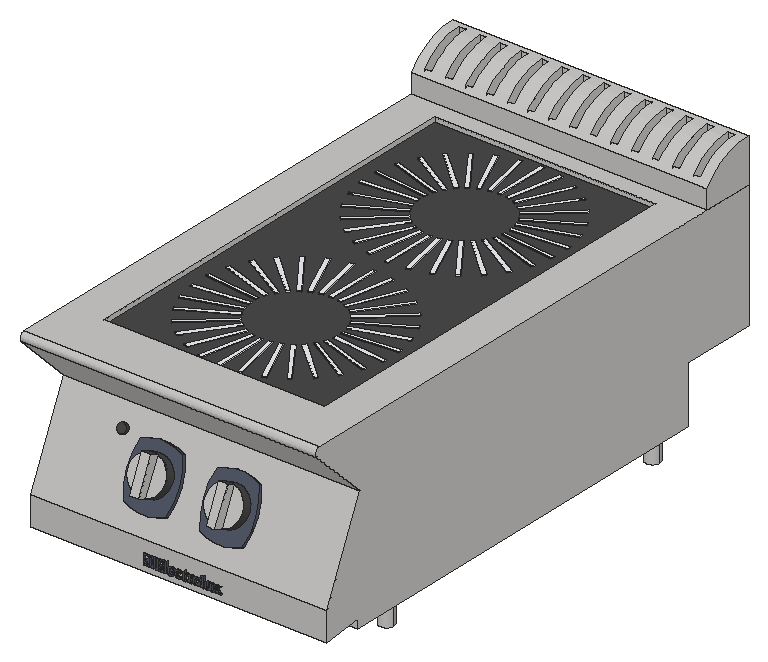
Revit family "QF_ELECTROLUXPROFESSIONAL_371024_E7IRED2000", category Specialty Equipment, Revit 2018
Family settings
  Round Connector Dimension = Use Diameter
  Part Type = Normal
  Work Plane-Based = No
  Always vertical = Yes
  Cut with Voids When Loaded = No
  Shared = No
  Room Calculation Point = No
Parameters
  Width = 400 mm  # constant formula
  Weight in Pounds = 33  # constant formula
  Watts = 4400 VA  # 4400 W
  Volts = 400 V  # constant formula
  URL Cutsheet = "www.electrolux.com/foodservice"
  URL = "www.electrolux.com/foodservice"
  Type Mark [instance] = ""
  Status [instance] = ""
  Specification by User [instance] = ""
  Specification by Manufacturer = ""
  Show Logo [instance] = yes
  Show Clearance [instance] = yes
  Serial Number = ""
  Seismic Rating = ""
  SMACNA No = ""
  Revision Code [instance] = ""
  Phase = 3  # constant formula
  Omniclass Number and Title = ""
  Number of Poles [instance] = 1
  NAFEM Spec ID Number = ""
  Model = "371024"
  Min Ckt Ampacity = 0 A
  Max Overcurrent Protection = 0 A
  Masterspec = ""
  Manufacturer = "ELECTROLUX"
  Item Number [instance] = ""
  Installed By [instance] = ""
  Identify Quantity as Lot [instance] = yes
  Height = 332 mm  # constant formula
  HP = "5.9 HP"
  Furnished By [instance] = ""
  Foodservice Equipment Identifier [instance] = yes
  FL Amps = if(Phase = 3, Watts / (Volts * 1.73), Watts / Volts)  # 6.35838 A
  Electrical Remarks [instance] = "400 V/3N ph/50/60 Hz"  # constant formula
  Electric Connection Type [instance] = ""
  Elec Conn RI Height [instance] = 0 mm
  Elec Conn Connection Height [instance] = 0 mm
  Direct Waste Size = 0"
  Description = "700XP 2 Zone Electric Infrared Cooking Top Range - 400V"
  Depth = 730 mm  # constant formula
  Cycle = if([60 Hertz Option], 60 Hz, 50 Hz)  # 60 Hz
  Conn Plug = ""
  Conn Conduit = yes
  CSI MasterFormat = ""
  CSI Master Format = ""
  Base Height [instance] = 24 mm  # constant formula
  Apparent Power = if(Phase = 3, Volts * FL Amps * 1.73, Volts * FL Amps)  # 4400 VA
  60 Hertz Option = not([50 Hertz Option])  # yes
  50 Hertz Option = no
Reference planes
  plane 1 "BACK": y = 0
  plane 2: z = 0
  plane 3 "LEFT": x = 0
  plane 4 "RIGHT": x = 400
  plane 5 "FRONT": y = -730
  plane 6 "TOP": z = 332
  plane 7 "Center Y": x = 200
  plane 8 "Center X": y = -365
  plane 9 "BASE": z = 24
  plane 10 "TOP A": z = 273.238
  plane 11: y = -597.884
  plane 12: y = -147.637
Forms (mm)
  Extrusion 1, solid, material "QF_Finishes_Stainless Steel"
    sketch origin (0, 0, 0) x (0, 1, 0) y (0, 0, 1)
      loop
        line (0, 273.237) -> (-725.027, 273.237)
        arc (-725.027, 273.237) -> (-730.893, 269.318) -> (-729.517, 262.397) r 6.35
        line (-729.517, 262.397) -> (-657.416, 190.047) -> (-713.522, 69.19) -> (-713.522, 31.09) -> (-660.4, 36.7) -> (-660.4, 24) -> (-101.6, 24) -> (-101.6, 101.788) -> (0, 101.788) -> (0, 273.237)
    from 0 to 400
  Extrusion 2, solid, material "QF_Finishes_Stainless Steel"
    sketch origin (0, 0, 0) x (0, 1, 0) y (0, 0, 1)
      loop
        line (0, 273.237) -> (0, 332)
        arc (0, 332) -> (-38.885, 323.609) -> (-69.85, 298.638) r 86.116
        line (-69.85, 298.638) -> (-69.85, 273.237) -> (0, 273.237)
    from 0 to 400
  Extrusion 3, void
    sketch origin (0, 0, 273.238) x (-1, 0, 0) y (0, -1, 0)
      loop
        line (-50, 93.262) -> (-50, 653.262) -> (-350, 653.262) -> (-350, 93.262) -> (-50, 93.262)
    from 0 to -6.35
  Extrusion 4, void
    sketch origin (0, 0, 273.238) x (-1, 0, 0) y (0, -1, 0)
      loop
        line (-13.453, 6.761) -> (-13.453, 63.911) -> (-22.749, 63.911) -> (-22.749, 6.761) -> (-13.453, 6.761)
    from 25.4 to 63.5
  Extrusion 5, void
    sketch origin (400.05, 0, 273.237) x (1, 0, 0) y (0, 1, 0)
      loop
        line (-13.503, -6.761) -> (-22.799, -6.761) -> (-22.799, -63.911) -> (-13.503, -63.911) -> (-13.503, -6.761)
    from 25.4 to 63.5
  Extrusion 6, void
    sketch origin (27.988, 0, 273.238) x (-1, 0, 0) y (0, -1, 0)
      loop
        line (-13.453, 6.761) -> (-13.453, 63.911) -> (-22.749, 63.911) -> (-22.749, 6.761) -> (-13.453, 6.761)
    from 25.4 to 63.5
  Extrusion 7, void
    sketch origin (55.977, 0, 273.238) x (-1, 0, 0) y (0, -1, 0)
      loop
        line (-13.453, 6.761) -> (-13.453, 63.911) -> (-22.749, 63.911) -> (-22.749, 6.761) -> (-13.453, 6.761)
    from 25.4 to 63.5
  Extrusion 8, void
    sketch origin (83.965, 0, 273.238) x (-1, 0, 0) y (0, -1, 0)
      loop
        line (-13.428, 6.761) -> (-13.428, 63.911) -> (-22.724, 63.911) -> (-22.724, 6.761) -> (-13.428, 6.761)
    from 25.4 to 63.5
  Extrusion 9, void
    sketch origin (111.953, 0, 273.238) x (-1, 0, 0) y (0, -1, 0)
      loop
        line (-13.428, 6.761) -> (-13.428, 63.911) -> (-22.724, 63.911) -> (-22.724, 6.761) -> (-13.428, 6.761)
    from 25.4 to 63.5
  Extrusion 10, void
    sketch origin (139.942, 0, 273.237) x (-1, 0, 0) y (0, -1, 0)
      loop
        line (-13.428, 6.761) -> (-13.428, 63.911) -> (-22.724, 63.911) -> (-22.724, 6.761) -> (-13.428, 6.761)
    from 25.4 to 63.5
  Extrusion 11, void
    sketch origin (167.93, 0, 273.237) x (-1, 0, 0) y (0, -1, 0)
      loop
        line (-13.428, 6.761) -> (-13.428, 63.911) -> (-22.724, 63.911) -> (-22.724, 6.761) -> (-13.428, 6.761)
    from 25.4 to 63.5
  Extrusion 12, void
    sketch origin (195.918, 0, 273.237) x (-1, 0, 0) y (0, -1, 0)
      loop
        line (-13.428, 6.761) -> (-13.428, 63.911) -> (-22.724, 63.911) -> (-22.724, 6.761) -> (-13.428, 6.761)
    from 25.4 to 63.5
  Extrusion 13, void
    sketch origin (223.907, 0, 273.237) x (-1, 0, 0) y (0, -1, 0)
      loop
        line (-13.428, 6.761) -> (-13.428, 63.911) -> (-22.724, 63.911) -> (-22.724, 6.761) -> (-13.428, 6.761)
    from 25.4 to 63.5
  Extrusion 14, void
    sketch origin (251.895, 0, 273.237) x (-1, 0, 0) y (0, -1, 0)
      loop
        line (-13.428, 6.761) -> (-13.428, 63.911) -> (-22.724, 63.911) -> (-22.724, 6.761) -> (-13.428, 6.761)
    from 25.4 to 63.5
  Extrusion 15, void
    sketch origin (279.884, 0, 273.237) x (-1, 0, 0) y (0, -1, 0)
      loop
        line (-13.403, 6.761) -> (-13.403, 63.911) -> (-22.699, 63.911) -> (-22.699, 6.761) -> (-13.403, 6.761)
    from 25.4 to 63.5
  Extrusion 16, void
    sketch origin (307.872, 0, 273.237) x (-1, 0, 0) y (0, -1, 0)
      loop
        line (-13.403, 6.761) -> (-13.403, 63.911) -> (-22.699, 63.911) -> (-22.699, 6.761) -> (-13.403, 6.761)
    from 25.4 to 63.5
  Extrusion 17, void
    sketch origin (335.86, 0, 273.237) x (-1, 0, 0) y (0, -1, 0)
      loop
        line (-13.403, 6.761) -> (-13.403, 63.911) -> (-22.699, 63.911) -> (-22.699, 6.761) -> (-13.403, 6.761)
    from 25.4 to 63.5
  Extrusion 18, solid, material "QF_Finishes_Stainless Steel"
    sketch origin (0, 0, 0) x (1, 0, 0) y (0, 1, 0)
      loop
        circle (11.112, -147.638) r 9.525
      loop
        circle (11.112, -597.884) r 9.525
      loop
        circle (388.887, -147.638) r 9.525
      loop
        circle (388.887, -597.884) r 9.525
    from 0 to 24
  Extrusion 19, solid, material "QF_Finishes_Navy Blue"
    sketch origin (-15.325, -713.522, 69.19) x (0, 0.421077, 0.907025) y (-1, 0, 0)
      loop
        arc (101.077, -132.565) -> (66.2, -125.548) -> (31.333, -132.61) r 89.894
        arc (31.333, -132.61) -> (24.638, -161.14) -> (31.333, -189.671) r 64.14
        arc (31.333, -189.671) -> (66.2, -196.736) -> (101.077, -189.715) r 89.853
        arc (101.077, -189.715) -> (107.792, -161.14) -> (101.077, -132.565) r 64.16
    from 0 to 3.175
  Extrusion 20, solid, material "QF_Finishes_Stainless Steel"
    sketch origin (-15.325, -716.402, 70.527) x (0, 0.421077, 0.907025) y (-1, 0, 0)
      loop
        circle (68.826, -160.963) r 25.4
    from 0 to 12.7
  Extrusion 21, solid, material "QF_Finishes_Stainless Steel"
    sketch origin (-15.325, -727.921, 75.875) x (0, 0.421077, 0.907025) y (-1, 0, 0)
      loop
        arc (93.558, -166.749) -> (94.226, -160.963) -> (93.558, -155.177) r 25.4
        line (93.558, -155.177) -> (44.094, -155.177)
        arc (44.094, -155.177) -> (43.426, -160.963) -> (44.094, -166.749) r 25.4
        line (44.094, -166.749) -> (93.558, -166.749)
    from 0 to 12.7
  Extrusion 22, solid, material "QF_Finishes_Black"
    sketch origin (-70, -709.311, 78.261) x (0, 0.421077, 0.907025) y (-1, 0, 0)
      loop
        circle (93.566, -160.648) r 6.35
    from 0 to 3.175
  Extrusion 23, solid, material "QF_Finishes_Stainless Steel"
    sketch origin (0, -101.6, 101.788) x (0, 0, -1) y (-1, 0, 0)
      loop
        circle (43.882, -336.5) r 12.7
    from 0 to 12.7
  Extrusion 24, solid, material "QF_Finishes_Clearance", visible <- "Show Clearance", detail levels coarse
    sketch origin (0, 0, 0) x (1, 0, 0) y (0, 1, 0)
      loop
        line (0, -731.377) -> (0, 0) -> (400, 0) -> (400, -731.377) -> (550.019, -731.377) -> (550.019, 150.019) -> (-150.019, 150.019) -> (-150.019, -731.377) -> (0, -731.377)
    from 0 to 332
  Extrusion 25, solid, material "QF_Finishes_Navy Blue", visible <- "Show Logo"
    sketch origin (-134.192, -713.772, 32.49) x (0, 0, 1) y (-1, 0, 0)
      loop
        line (20.674, -296.698) -> (8.307, -296.698)
        arc (8.307, -296.698) -> (14.491, -301.27) -> (20.674, -296.698) r 6.467
      loop
        arc (20.674, -296.069) -> (19.505, -290.926) -> (14.849, -288.448) r 6.338
        line (14.849, -288.448) -> (14.849, -290.494)
        arc (14.849, -290.494) -> (16.333, -294.149) -> (19.778, -296.069) r 5.941
        line (19.778, -296.069) -> (20.674, -296.069)
      loop
        arc (9.203, -296.069) -> (12.648, -294.149) -> (14.132, -290.494) r 5.941
        line (14.132, -290.494) -> (14.132, -288.448)
        arc (14.132, -288.448) -> (9.438, -290.922) -> (8.148, -296.069) r 6.504
        line (8.148, -296.069) -> (9.203, -296.069)
      loop
        line (21.349, -287.979) -> (7.604, -287.979) -> (7.604, -301.742) -> (21.349, -301.742) -> (21.349, -287.979)
      loop
        arc (21.432, -304.71) -> (21.085, -304.352) -> (20.718, -304.69) r 0.358
        arc (20.718, -304.69) -> (20.404, -305.44) -> (19.687, -305.825) r 1.216
        line (19.687, -305.825) -> (9.274, -305.825)
        arc (9.274, -305.825) -> (8.614, -305.548) -> (8.218, -304.951) r 1.238
        arc (8.218, -304.951) -> (7.823, -304.7) -> (7.518, -305.054) r 0.358
        line (7.518, -305.054) -> (7.518, -314.933) -> (10.269, -314.933) -> (10.269, -314.036)
        arc (10.269, -314.036) -> (9.36, -313.456) -> (8.904, -312.479) r 1.928
        line (8.904, -312.479) -> (8.904, -309.98)
        arc (8.904, -309.98) -> (9.18, -309.251) -> (9.868, -308.887) r 1.101
        line (9.868, -308.887) -> (13.955, -308.887) -> (13.955, -312.561)
        arc (13.955, -312.561) -> (13.602, -313.058) -> (13.037, -313.286) r 1.083
        arc (13.037, -313.286) -> (12.773, -313.591) -> (13.065, -313.869) r 0.292
        line (13.065, -313.869) -> (16.028, -313.869)
        arc (16.028, -313.869) -> (16.33, -313.596) -> (16.092, -313.266) r 0.305
        arc (16.092, -313.266) -> (15.601, -313.018) -> (15.296, -312.561) r 1.083
        line (15.296, -312.561) -> (15.296, -308.887) -> (19.973, -308.887) -> (19.973, -312.635)
        arc (19.973, -312.635) -> (19.759, -313.39) -> (19.153, -313.888) r 1.314
        arc (19.153, -313.888) -> (18.934, -314.292) -> (19.288, -314.585) r 0.361
        line (19.288, -314.585) -> (21.432, -314.585) -> (21.432, -304.71)
      loop
        arc (20.715, -315.365) -> (20.335, -316.284) -> (19.416, -316.664) r 1.299
        line (19.416, -316.664) -> (9.837, -316.664)
        arc (9.837, -316.664) -> (8.999, -316.286) -> (8.728, -315.408) r 1.118
        line (8.728, -315.408) -> (7.518, -315.408) -> (7.518, -320.758) -> (8.706, -320.758)
        arc (8.706, -320.758) -> (8.978, -319.841) -> (9.848, -319.445) r 1.153
        line (9.848, -319.445) -> (21.92, -319.445) -> (20.715, -315.365)
      loop
        line (12.483, -323.394) -> (12.483, -329.842) -> (13.282, -329.842)
        arc (13.282, -329.842) -> (15.862, -328.857) -> (17.131, -326.404) r 3.874
        line (17.131, -326.404) -> (17.131, -324.643)
        arc (17.131, -324.643) -> (15.944, -321.778) -> (13.08, -320.592) r 4.051
        line (13.08, -320.592) -> (11.072, -320.592)
        arc (11.072, -320.592) -> (8.253, -322.077) -> (7.202, -325.084) r 4.352
        arc (7.202, -325.084) -> (7.566, -327.547) -> (8.943, -329.621) r 5.713
        line (8.943, -329.621) -> (9.892, -329.621)
        arc (9.892, -329.621) -> (9.16, -328.052) -> (8.943, -326.334) r 5.579
        arc (8.943, -326.334) -> (9.737, -324.371) -> (11.616, -323.394) r 3.057
        line (11.616, -323.394) -> (12.483, -323.394)
      loop
        line (13.742, -323.394) -> (13.742, -326.977)
        arc (13.742, -326.977) -> (15.199, -327.024) -> (16.082, -325.864) r 1.59
        line (16.082, -325.864) -> (16.082, -325.034)
        arc (16.082, -325.034) -> (15.217, -323.779) -> (13.742, -323.394) r 2.184
      loop
        arc (16.533, -339.259) -> (17.022, -337.585) -> (17.179, -335.848) r 9.023
        line (17.179, -335.848) -> (17.179, -334.486)
        arc (17.179, -334.486) -> (16.02, -331.686) -> (13.22, -330.527) r 3.959
        line (13.22, -330.527) -> (10.62, -330.527)
        arc (10.62, -330.527) -> (8.338, -331.819) -> (7.221, -334.192) r 4.331
        line (7.221, -334.192) -> (7.221, -336.327)
        arc (7.221, -336.327) -> (7.729, -337.877) -> (8.651, -339.223) r 5.772
        arc (8.651, -339.223) -> (9.412, -339.274) -> (9.499, -338.515) r 0.553
        arc (9.499, -338.515) -> (9.111, -337.781) -> (8.977, -336.962) r 2.573
        line (8.977, -336.962) -> (8.977, -335.447)
        arc (8.977, -335.447) -> (9.983, -333.806) -> (11.798, -333.163) r 2.884
        line (11.798, -333.163) -> (13.077, -333.163)
        arc (13.077, -333.163) -> (14.898, -333.723) -> (15.824, -335.388) r 2.554
        line (15.824, -335.388) -> (15.824, -336.441)
        arc (15.824, -336.441) -> (15.493, -337.369) -> (14.836, -338.104) r 2.564
        arc (14.836, -338.104) -> (14.614, -338.821) -> (15.223, -339.259) r 0.643
        line (15.223, -339.259) -> (16.533, -339.259)
      loop
        line (15.515, -339.53) -> (15.515, -341.031) -> (9.467, -341.031)
        arc (9.467, -341.031) -> (7.879, -341.688) -> (7.221, -343.276) r 2.246
        line (7.221, -343.276) -> (7.221, -344.86)
        arc (7.221, -344.86) -> (7.535, -345.725) -> (8.035, -346.496) r 4.06
        arc (8.035, -346.496) -> (8.768, -346.629) -> (9.019, -345.928) r 0.576
        arc (9.019, -345.928) -> (8.913, -345.403) -> (8.977, -344.87) r 1.69
        arc (8.977, -344.87) -> (9.519, -344.082) -> (10.425, -343.779) r 1.506
        line (10.425, -343.779) -> (15.563, -343.779) -> (15.563, -346.176) -> (16.119, -346.733) -> (16.941, -346.733) -> (16.941, -343.873) -> (20.172, -343.873) -> (15.515, -339.53)
      loop
        line (7.438, -347.63) -> (7.438, -353.017) -> (8.548, -353.017)
        arc (8.548, -353.017) -> (8.942, -352.066) -> (9.893, -351.672) r 1.345
        line (9.893, -351.672) -> (13.509, -351.672)
        arc (13.509, -351.672) -> (14.274, -352.264) -> (14.564, -353.186) r 1.615
        line (14.564, -353.186) -> (14.564, -354.742) -> (17.119, -355.427) -> (17.119, -354.044) -> (15.177, -351.485) -> (17.057, -351.485) -> (16.773, -348.779)
        arc (16.773, -348.779) -> (16.333, -348.249) -> (15.674, -348.45) r 0.621
        arc (15.674, -348.45) -> (15.274, -348.792) -> (14.78, -348.975) r 1.501
        line (14.78, -348.975) -> (9.893, -348.975)
        arc (9.893, -348.975) -> (8.942, -348.581) -> (8.548, -347.63) r 1.345
        line (8.548, -347.63) -> (7.438, -347.63)
      loop
        line (13.54, -354.964) -> (10.848, -354.964)
        arc (10.848, -354.964) -> (8.403, -356.272) -> (7.269, -358.803) r 4.288
        arc (7.269, -358.803) -> (7.205, -360.183) -> (7.269, -361.563) r 15.022
        arc (7.269, -361.563) -> (8.403, -364.094) -> (10.848, -365.401) r 4.288
        line (10.848, -365.401) -> (13.54, -365.401)
        arc (13.54, -365.401) -> (15.986, -364.094) -> (17.119, -361.563) r 4.288
        arc (17.119, -361.563) -> (17.183, -360.183) -> (17.119, -358.803) r 15.022
        arc (17.119, -358.803) -> (15.986, -356.272) -> (13.54, -354.964) r 4.288
      loop
        line (13.745, -358.078) -> (10.643, -358.078)
        arc (10.643, -358.078) -> (8.486, -360.235) -> (10.643, -362.392) r 2.157
        line (10.643, -362.392) -> (13.745, -362.392)
        arc (13.745, -362.392) -> (15.902, -360.235) -> (13.745, -358.078) r 2.157
      loop
        arc (20.726, -365.26) -> (20.355, -366.154) -> (19.461, -366.524) r 1.264
        line (19.461, -366.524) -> (9.597, -366.524)
        arc (9.597, -366.524) -> (8.727, -366.127) -> (8.455, -365.211) r 1.153
        line (8.455, -365.211) -> (7.518, -365.211) -> (7.518, -370.319) -> (8.446, -370.319)
        arc (8.446, -370.319) -> (8.805, -369.547) -> (9.597, -369.232) r 1.153
        line (9.597, -369.232) -> (21.92, -369.232) -> (20.726, -365.26)
      loop
        arc (15.846, -369.857) -> (15.647, -370.921) -> (14.678, -371.403) r 1.215
        line (14.678, -371.403) -> (9.658, -371.403)
        arc (9.658, -371.403) -> (8.043, -372.051) -> (7.322, -373.634) r 2.338
        line (7.322, -373.634) -> (7.322, -375.148)
        arc (7.322, -375.148) -> (7.497, -376.152) -> (7.999, -377.038) r 2.979
        line (7.999, -377.038) -> (7.518, -378.835) -> (7.518, -380.524) -> (16.943, -380.524) -> (16.649, -376.32) -> (15.863, -376.32)
        arc (15.863, -376.32) -> (15.507, -377.156) -> (14.755, -377.665) r 1.605
        line (14.755, -377.665) -> (9.652, -377.665)
        arc (9.652, -377.665) -> (9.232, -376.728) -> (9.159, -375.704) r 2.94
        arc (9.159, -375.704) -> (9.72, -374.603) -> (10.873, -374.16) r 1.724
        line (10.873, -374.16) -> (17.07, -374.16) -> (15.846, -369.857)
      loop
        line (16.874, -381.377) -> (15.202, -383.423) -> (12.028, -385.729) -> (8.572, -382.617)
        arc (8.572, -382.617) -> (8.335, -382.223) -> (8.357, -381.764) r 0.789
        line (8.357, -381.764) -> (7.518, -381.764) -> (7.518, -385.309) -> (8.344, -385.309)
        arc (8.344, -385.309) -> (8.686, -384.947) -> (9.176, -385.039) r 0.52
        line (9.176, -385.039) -> (10.976, -386.51) -> (8.858, -387.886)
        arc (8.858, -387.886) -> (8.457, -387.576) -> (8.37, -387.076) r 0.7
        line (8.37, -387.076) -> (7.518, -387.076) -> (7.518, -393.003) -> (8.405, -393.003)
        arc (8.405, -393.003) -> (8.472, -392.344) -> (8.866, -391.813) r 1.247
        line (8.866, -391.813) -> (13.066, -388.532) -> (15.513, -390.585) -> (16.874, -392.327) -> (16.874, -388.604) -> (15.389, -389.026) -> (13.868, -387.749) -> (15.568, -386.559) -> (16.874, -387.336) -> (16.874, -381.377)
    from 0 to 1.644
  Extrusion 26, solid, material "QF_Finishes_White"
    sketch origin (0, 0, 266.887) x (-1, 0, 0) y (0, -1, 0)
      loop
        line (-196.926, 361.478) -> (-201.926, 361.478) -> (-201.926, 288.082) -> (-196.926, 288.082) -> (-196.926, 361.478)
    from 0 to 0.8
  Extrusion 27, solid, material "QF_Finishes_White"
    sketch origin (52.177, 36.558, 266.887) x (-0.978148, 0.207912, 0) y (-0.207912, -0.978148, 0)
      loop
        line (-196.926, 361.478) -> (-201.926, 361.478) -> (-201.926, 288.082) -> (-196.926, 288.082) -> (-196.926, 361.478)
    from 0 to 0.8
  Extrusion 28, solid, material "QF_Finishes_White"
    sketch origin (-43.436, -46.607, 266.887) x (-0.978148, -0.207912, 0) y (0.207912, -0.978148, 0)
      loop
        line (-196.926, 361.478) -> (-201.926, 361.478) -> (-201.926, 288.082) -> (-196.926, 288.082) -> (-196.926, 361.478)
    from 0 to 0.8
  Extrusion 29, solid, material "QF_Finishes_White"
    sketch origin (-76.233, -101.226, 266.887) x (-0.913545, -0.406737, 0) y (0.406737, -0.913545, 0)
      loop
        line (-196.926, 361.478) -> (-201.926, 361.478) -> (-201.926, 288.082) -> (-196.926, 288.082) -> (-196.926, 361.478)
    from 0 to 0.8
  Extrusion 30, solid, material "QF_Finishes_White"
    sketch origin (-96.957, -161.471, 266.887) x (-0.809017, -0.587785, 0) y (0.587785, -0.809017, 0)
      loop
        line (-196.926, 361.478) -> (-201.926, 361.478) -> (-201.926, 288.082) -> (-196.926, 288.082) -> (-196.926, 361.478)
    from 0 to 0.8
  Extrusion 31, solid, material "QF_Finishes_White"
    sketch origin (-104.703, -224.708, 266.887) x (-0.669131, -0.743145, 0) y (0.743145, -0.669131, 0)
      loop
        line (-196.926, 361.478) -> (-201.926, 361.478) -> (-201.926, 288.082) -> (-196.926, 288.082) -> (-196.926, 361.478)
    from 0 to 0.8
  Extrusion 32, solid, material "QF_Finishes_White"
    sketch origin (-99.132, -288.174, 266.887) x (-0.5, -0.866025, 0) y (0.866025, -0.5, 0)
      loop
        line (-196.926, 361.478) -> (-201.926, 361.478) -> (-201.926, 288.082) -> (-196.926, 288.082) -> (-196.926, 361.478)
    from 0 to 0.8
  Extrusion 33, solid, material "QF_Finishes_White"
    sketch origin (-80.487, -349.094, 266.887) x (-0.309017, -0.951057, 0) y (0.951057, -0.309017, 0)
      loop
        line (-196.926, 361.478) -> (-201.926, 361.478) -> (-201.926, 288.082) -> (-196.926, 288.082) -> (-196.926, 361.478)
    from 0 to 0.8
  Extrusion 34, solid, material "QF_Finishes_White"
    sketch origin (-49.583, -404.807, 266.887) x (-0.104528, -0.994522, 0) y (0.994522, -0.104528, 0)
      loop
        line (-196.926, 361.478) -> (-201.926, 361.478) -> (-201.926, 288.082) -> (-196.926, 288.082) -> (-196.926, 361.478)
    from 0 to 0.8
  Extrusion 35, solid, material "QF_Finishes_White"
    sketch origin (-7.772, -452.877, 266.887) x (0.104528, -0.994522, 0) y (0.994522, 0.104528, 0)
      loop
        line (-196.926, 361.478) -> (-201.926, 361.478) -> (-201.926, 288.082) -> (-196.926, 288.082) -> (-196.926, 361.478)
    from 0 to 0.8
  Extrusion 36, solid, material "QF_Finishes_White"
    sketch origin (43.12, -491.203, 266.887) x (0.309017, -0.951057, 0) y (0.951057, 0.309017, 0)
      loop
        line (-196.926, 361.478) -> (-201.926, 361.478) -> (-201.926, 288.082) -> (-196.926, 288.082) -> (-196.926, 361.478)
    from 0 to 0.8
  Extrusion 37, solid, material "QF_Finishes_White"
    sketch origin (100.868, -518.111, 266.887) x (0.5, -0.866025, 0) y (0.866025, 0.5, 0)
      loop
        line (-196.926, 361.478) -> (-201.926, 361.478) -> (-201.926, 288.082) -> (-196.926, 288.082) -> (-196.926, 361.478)
    from 0 to 0.8
  Extrusion 38, solid, material "QF_Finishes_White"
    sketch origin (162.949, -532.424, 266.887) x (0.669131, -0.743145, 0) y (0.743145, 0.669131, 0)
      loop
        line (-196.926, 361.478) -> (-201.926, 361.478) -> (-201.926, 288.082) -> (-196.926, 288.082) -> (-196.926, 361.478)
    from 0 to 0.8
  Extrusion 39, solid, material "QF_Finishes_White"
    sketch origin (226.65, -533.518, 266.887) x (0.809017, -0.587785, 0) y (0.587785, 0.809017, 0)
      loop
        line (-196.926, 361.478) -> (-201.926, 361.478) -> (-201.926, 288.082) -> (-196.926, 288.082) -> (-196.926, 361.478)
    from 0 to 0.8
  Extrusion 40, solid, material "QF_Finishes_White"
    sketch origin (289.185, -521.343, 266.887) x (0.913545, -0.406737, 0) y (0.406737, 0.913545, 0)
      loop
        line (-196.926, 361.478) -> (-201.926, 361.478) -> (-201.926, 288.082) -> (-196.926, 288.082) -> (-196.926, 361.478)
    from 0 to 0.8
  Extrusion 41, solid, material "QF_Finishes_White"
    sketch origin (347.823, -496.432, 266.887) x (0.978148, -0.207912, 0) y (0.207912, 0.978148, 0)
      loop
        line (-196.926, 361.478) -> (-201.926, 361.478) -> (-201.926, 288.082) -> (-196.926, 288.082) -> (-196.926, 361.478)
    from 0 to 0.8
  Extrusion 42, solid, material "QF_Finishes_White"
    sketch origin (400, -459.875, 266.887) x (1, 0, 0) y (0, 1, 0)
      loop
        line (-196.926, 361.478) -> (-201.926, 361.478) -> (-201.926, 288.082) -> (-196.926, 288.082) -> (-196.926, 361.478)
    from 0 to 0.8
  Extrusion 43, solid, material "QF_Finishes_White"
    sketch origin (443.436, -413.268, 266.887) x (0.978148, 0.207912, 0) y (-0.207912, 0.978148, 0)
      loop
        line (-196.926, 361.478) -> (-201.926, 361.478) -> (-201.926, 288.082) -> (-196.926, 288.082) -> (-196.926, 361.478)
    from 0 to 0.8
  Extrusion 44, solid, material "QF_Finishes_White"
    sketch origin (476.233, -358.648, 266.887) x (0.913545, 0.406737, 0) y (-0.406737, 0.913545, 0)
      loop
        line (-196.926, 361.478) -> (-201.926, 361.478) -> (-201.926, 288.082) -> (-196.926, 288.082) -> (-196.926, 361.478)
    from 0 to 0.8
  Extrusion 45, solid, material "QF_Finishes_White"
    sketch origin (496.957, -298.403, 266.887) x (0.809017, 0.587785, 0) y (-0.587785, 0.809017, 0)
      loop
        line (-196.926, 361.478) -> (-201.926, 361.478) -> (-201.926, 288.082) -> (-196.926, 288.082) -> (-196.926, 361.478)
    from 0 to 0.8
  Extrusion 46, solid, material "QF_Finishes_White"
    sketch origin (504.703, -235.166, 266.887) x (0.669131, 0.743145, 0) y (-0.743145, 0.669131, 0)
      loop
        line (-196.926, 361.478) -> (-201.926, 361.478) -> (-201.926, 288.082) -> (-196.926, 288.082) -> (-196.926, 361.478)
    from 0 to 0.8
  Extrusion 47, solid, material "QF_Finishes_White"
    sketch origin (499.132, -171.701, 266.887) x (0.5, 0.866025, 0) y (-0.866025, 0.5, 0)
      loop
        line (-196.926, 361.478) -> (-201.926, 361.478) -> (-201.926, 288.082) -> (-196.926, 288.082) -> (-196.926, 361.478)
    from 0 to 0.8
  Extrusion 48, solid, material "QF_Finishes_White"
    sketch origin (480.487, -110.781, 266.887) x (0.309017, 0.951057, 0) y (-0.951057, 0.309017, 0)
      loop
        line (-196.926, 361.478) -> (-201.926, 361.478) -> (-201.926, 288.082) -> (-196.926, 288.082) -> (-196.926, 361.478)
    from 0 to 0.8
  Extrusion 49, solid, material "QF_Finishes_White"
    sketch origin (449.583, -55.068, 266.887) x (0.104528, 0.994522, 0) y (-0.994522, 0.104528, 0)
      loop
        line (-196.926, 361.478) -> (-201.926, 361.478) -> (-201.926, 288.082) -> (-196.926, 288.082) -> (-196.926, 361.478)
    from 0 to 0.8
  Extrusion 50, solid, material "QF_Finishes_White"
    sketch origin (407.772, -6.998, 266.887) x (-0.104528, 0.994522, 0) y (-0.994522, -0.104528, 0)
      loop
        line (-196.926, 361.478) -> (-201.926, 361.478) -> (-201.926, 288.082) -> (-196.926, 288.082) -> (-196.926, 361.478)
    from 0 to 0.8
  Extrusion 51, solid, material "QF_Finishes_White"
    sketch origin (356.88, 31.329, 266.887) x (-0.309017, 0.951057, 0) y (-0.951057, -0.309017, 0)
      loop
        line (-196.926, 361.478) -> (-201.926, 361.478) -> (-201.926, 288.082) -> (-196.926, 288.082) -> (-196.926, 361.478)
    from 0 to 0.8
  Extrusion 52, solid, material "QF_Finishes_White"
    sketch origin (299.132, 58.236, 266.887) x (-0.5, 0.866025, 0) y (-0.866025, -0.5, 0)
      loop
        line (-196.926, 361.478) -> (-201.926, 361.478) -> (-201.926, 288.082) -> (-196.926, 288.082) -> (-196.926, 361.478)
    from 0 to 0.8
  Extrusion 53, solid, material "QF_Finishes_White"
    sketch origin (237.051, 72.55, 266.887) x (-0.669131, 0.743145, 0) y (-0.743145, -0.669131, 0)
      loop
        line (-196.926, 361.478) -> (-201.926, 361.478) -> (-201.926, 288.082) -> (-196.926, 288.082) -> (-196.926, 361.478)
    from 0 to 0.8
  Extrusion 54, solid, material "QF_Finishes_White"
    sketch origin (173.35, 73.643, 266.887) x (-0.809017, 0.587785, 0) y (-0.587785, -0.809017, 0)
      loop
        line (-196.926, 361.478) -> (-201.926, 361.478) -> (-201.926, 288.082) -> (-196.926, 288.082) -> (-196.926, 361.478)
    from 0 to 0.8
  Extrusion 55, solid, material "QF_Finishes_White"
    sketch origin (110.815, 61.468, 266.887) x (-0.913545, 0.406737, 0) y (-0.406737, -0.913545, 0)
      loop
        line (-196.926, 361.478) -> (-201.926, 361.478) -> (-201.926, 288.082) -> (-196.926, 288.082) -> (-196.926, 361.478)
    from 0 to 0.8
  Extrusion 56, solid, material "QF_Finishes_White"
    sketch origin (0, -285, 266.887) x (-1, 0, 0) y (0, -1, 0)
      loop
        line (-196.926, 361.478) -> (-201.926, 361.478) -> (-201.926, 288.082) -> (-196.926, 288.082) -> (-196.926, 361.478)
    from 0 to 0.8
  Extrusion 57, solid, material "QF_Finishes_White"
    sketch origin (52.177, -248.442, 266.887) x (-0.978148, 0.207912, 0) y (-0.207912, -0.978148, 0)
      loop
        line (-196.926, 361.478) -> (-201.926, 361.478) -> (-201.926, 288.082) -> (-196.926, 288.082) -> (-196.926, 361.478)
    from 0 to 0.8
  Extrusion 58, solid, material "QF_Finishes_White"
    sketch origin (-43.436, -331.607, 266.887) x (-0.978148, -0.207912, 0) y (0.207912, -0.978148, 0)
      loop
        line (-196.926, 361.478) -> (-201.926, 361.478) -> (-201.926, 288.082) -> (-196.926, 288.082) -> (-196.926, 361.478)
    from 0 to 0.8
  Extrusion 59, solid, material "QF_Finishes_White"
    sketch origin (-76.233, -386.226, 266.887) x (-0.913545, -0.406737, 0) y (0.406737, -0.913545, 0)
      loop
        line (-196.926, 361.478) -> (-201.926, 361.478) -> (-201.926, 288.082) -> (-196.926, 288.082) -> (-196.926, 361.478)
    from 0 to 0.8
  Extrusion 60, solid, material "QF_Finishes_White"
    sketch origin (-96.957, -446.471, 266.887) x (-0.809017, -0.587785, 0) y (0.587785, -0.809017, 0)
      loop
        line (-196.926, 361.478) -> (-201.926, 361.478) -> (-201.926, 288.082) -> (-196.926, 288.082) -> (-196.926, 361.478)
    from 0 to 0.8
  Extrusion 61, solid, material "QF_Finishes_White"
    sketch origin (-104.703, -509.708, 266.887) x (-0.669131, -0.743145, 0) y (0.743145, -0.669131, 0)
      loop
        line (-196.926, 361.478) -> (-201.926, 361.478) -> (-201.926, 288.082) -> (-196.926, 288.082) -> (-196.926, 361.478)
    from 0 to 0.8
  Extrusion 62, solid, material "QF_Finishes_White"
    sketch origin (-99.132, -573.174, 266.887) x (-0.5, -0.866025, 0) y (0.866025, -0.5, 0)
      loop
        line (-196.926, 361.478) -> (-201.926, 361.478) -> (-201.926, 288.082) -> (-196.926, 288.082) -> (-196.926, 361.478)
    from 0 to 0.8
  Extrusion 63, solid, material "QF_Finishes_White"
    sketch origin (-80.487, -634.094, 266.887) x (-0.309017, -0.951057, 0) y (0.951057, -0.309017, 0)
      loop
        line (-196.926, 361.478) -> (-201.926, 361.478) -> (-201.926, 288.082) -> (-196.926, 288.082) -> (-196.926, 361.478)
    from 0 to 0.8
  Extrusion 64, solid, material "QF_Finishes_White"
    sketch origin (-49.583, -689.807, 266.887) x (-0.104528, -0.994522, 0) y (0.994522, -0.104528, 0)
      loop
        line (-196.926, 361.478) -> (-201.926, 361.478) -> (-201.926, 288.082) -> (-196.926, 288.082) -> (-196.926, 361.478)
    from 0 to 0.8
  Extrusion 65, solid, material "QF_Finishes_White"
    sketch origin (-7.772, -737.877, 266.887) x (0.104528, -0.994522, 0) y (0.994522, 0.104528, 0)
      loop
        line (-196.926, 361.478) -> (-201.926, 361.478) -> (-201.926, 288.082) -> (-196.926, 288.082) -> (-196.926, 361.478)
    from 0 to 0.8
  Extrusion 66, solid, material "QF_Finishes_White"
    sketch origin (43.12, -776.203, 266.887) x (0.309017, -0.951057, 0) y (0.951057, 0.309017, 0)
      loop
        line (-196.926, 361.478) -> (-201.926, 361.478) -> (-201.926, 288.082) -> (-196.926, 288.082) -> (-196.926, 361.478)
    from 0 to 0.8
  Extrusion 67, solid, material "QF_Finishes_White"
    sketch origin (100.868, -803.111, 266.887) x (0.5, -0.866025, 0) y (0.866025, 0.5, 0)
      loop
        line (-196.926, 361.478) -> (-201.926, 361.478) -> (-201.926, 288.082) -> (-196.926, 288.082) -> (-196.926, 361.478)
    from 0 to 0.8
  Extrusion 68, solid, material "QF_Finishes_White"
    sketch origin (162.949, -817.424, 266.887) x (0.669131, -0.743145, 0) y (0.743145, 0.669131, 0)
      loop
        line (-196.926, 361.478) -> (-201.926, 361.478) -> (-201.926, 288.082) -> (-196.926, 288.082) -> (-196.926, 361.478)
    from 0 to 0.8
  Extrusion 69, solid, material "QF_Finishes_White"
    sketch origin (226.65, -818.518, 266.887) x (0.809017, -0.587785, 0) y (0.587785, 0.809017, 0)
      loop
        line (-196.926, 361.478) -> (-201.926, 361.478) -> (-201.926, 288.082) -> (-196.926, 288.082) -> (-196.926, 361.478)
    from 0 to 0.8
  Extrusion 70, solid, material "QF_Finishes_White"
    sketch origin (289.185, -806.343, 266.887) x (0.913545, -0.406737, 0) y (0.406737, 0.913545, 0)
      loop
        line (-196.926, 361.478) -> (-201.926, 361.478) -> (-201.926, 288.082) -> (-196.926, 288.082) -> (-196.926, 361.478)
    from 0 to 0.8
  Extrusion 71, solid, material "QF_Finishes_White"
    sketch origin (347.823, -781.432, 266.887) x (0.978148, -0.207912, 0) y (0.207912, 0.978148, 0)
      loop
        line (-196.926, 361.478) -> (-201.926, 361.478) -> (-201.926, 288.082) -> (-196.926, 288.082) -> (-196.926, 361.478)
    from 0 to 0.8
  Extrusion 72, solid, material "QF_Finishes_White"
    sketch origin (400, -744.875, 266.887) x (1, 0, 0) y (0, 1, 0)
      loop
        line (-196.926, 361.478) -> (-201.926, 361.478) -> (-201.926, 288.082) -> (-196.926, 288.082) -> (-196.926, 361.478)
    from 0 to 0.8
  Extrusion 73, solid, material "QF_Finishes_White"
    sketch origin (443.436, -698.268, 266.887) x (0.978148, 0.207912, 0) y (-0.207912, 0.978148, 0)
      loop
        line (-196.926, 361.478) -> (-201.926, 361.478) -> (-201.926, 288.082) -> (-196.926, 288.082) -> (-196.926, 361.478)
    from 0 to 0.8
  Extrusion 74, solid, material "QF_Finishes_White"
    sketch origin (476.233, -643.648, 266.887) x (0.913545, 0.406737, 0) y (-0.406737, 0.913545, 0)
      loop
        line (-196.926, 361.478) -> (-201.926, 361.478) -> (-201.926, 288.082) -> (-196.926, 288.082) -> (-196.926, 361.478)
    from 0 to 0.8
  Extrusion 75, solid, material "QF_Finishes_White"
    sketch origin (496.957, -583.403, 266.887) x (0.809017, 0.587785, 0) y (-0.587785, 0.809017, 0)
      loop
        line (-196.926, 361.478) -> (-201.926, 361.478) -> (-201.926, 288.082) -> (-196.926, 288.082) -> (-196.926, 361.478)
    from 0 to 0.8
  Extrusion 76, solid, material "QF_Finishes_White"
    sketch origin (504.703, -520.166, 266.887) x (0.669131, 0.743145, 0) y (-0.743145, 0.669131, 0)
      loop
        line (-196.926, 361.478) -> (-201.926, 361.478) -> (-201.926, 288.082) -> (-196.926, 288.082) -> (-196.926, 361.478)
    from 0 to 0.8
  Extrusion 77, solid, material "QF_Finishes_White"
    sketch origin (499.132, -456.701, 266.887) x (0.5, 0.866025, 0) y (-0.866025, 0.5, 0)
      loop
        line (-196.926, 361.478) -> (-201.926, 361.478) -> (-201.926, 288.082) -> (-196.926, 288.082) -> (-196.926, 361.478)
    from 0 to 0.8
  Extrusion 78, solid, material "QF_Finishes_White"
    sketch origin (480.487, -395.781, 266.887) x (0.309017, 0.951057, 0) y (-0.951057, 0.309017, 0)
      loop
        line (-196.926, 361.478) -> (-201.926, 361.478) -> (-201.926, 288.082) -> (-196.926, 288.082) -> (-196.926, 361.478)
    from 0 to 0.8
  Extrusion 79, solid, material "QF_Finishes_White"
    sketch origin (449.583, -340.068, 266.887) x (0.104528, 0.994522, 0) y (-0.994522, 0.104528, 0)
      loop
        line (-196.926, 361.478) -> (-201.926, 361.478) -> (-201.926, 288.082) -> (-196.926, 288.082) -> (-196.926, 361.478)
    from 0 to 0.8
  Extrusion 80, solid, material "QF_Finishes_White"
    sketch origin (407.772, -291.998, 266.887) x (-0.104528, 0.994522, 0) y (-0.994522, -0.104528, 0)
      loop
        line (-196.926, 361.478) -> (-201.926, 361.478) -> (-201.926, 288.082) -> (-196.926, 288.082) -> (-196.926, 361.478)
    from 0 to 0.8
  Extrusion 81, solid, material "QF_Finishes_White"
    sketch origin (356.88, -253.671, 266.887) x (-0.309017, 0.951057, 0) y (-0.951057, -0.309017, 0)
      loop
        line (-196.926, 361.478) -> (-201.926, 361.478) -> (-201.926, 288.082) -> (-196.926, 288.082) -> (-196.926, 361.478)
    from 0 to 0.8
  Extrusion 82, solid, material "QF_Finishes_White"
    sketch origin (299.132, -226.764, 266.887) x (-0.5, 0.866025, 0) y (-0.866025, -0.5, 0)
      loop
        line (-196.926, 361.478) -> (-201.926, 361.478) -> (-201.926, 288.082) -> (-196.926, 288.082) -> (-196.926, 361.478)
    from 0 to 0.8
  Extrusion 83, solid, material "QF_Finishes_White"
    sketch origin (237.051, -212.45, 266.887) x (-0.669131, 0.743145, 0) y (-0.743145, -0.669131, 0)
      loop
        line (-196.926, 361.478) -> (-201.926, 361.478) -> (-201.926, 288.082) -> (-196.926, 288.082) -> (-196.926, 361.478)
    from 0 to 0.8
  Extrusion 84, solid, material "QF_Finishes_White"
    sketch origin (173.35, -211.357, 266.887) x (-0.809017, 0.587785, 0) y (-0.587785, -0.809017, 0)
      loop
        line (-196.926, 361.478) -> (-201.926, 361.478) -> (-201.926, 288.082) -> (-196.926, 288.082) -> (-196.926, 361.478)
    from 0 to 0.8
  Extrusion 85, solid, material "QF_Finishes_White"
    sketch origin (110.815, -223.532, 266.887) x (-0.913545, 0.406737, 0) y (-0.406737, -0.913545, 0)
      loop
        line (-196.926, 361.478) -> (-201.926, 361.478) -> (-201.926, 288.082) -> (-196.926, 288.082) -> (-196.926, 361.478)
    from 0 to 0.8
  Extrusion 86, solid, material "QF_Finishes_Navy Blue"
    sketch origin (410.325, -713.522, 69.19) x (0, 0.421077, 0.907025) y (-1, 0, 0)
      loop
        arc (101.077, 132.565) -> (107.792, 161.14) -> (101.077, 189.715) r 64.16
        arc (101.077, 189.715) -> (66.2, 196.736) -> (31.333, 189.671) r 89.853
        arc (31.333, 189.671) -> (24.638, 161.14) -> (31.333, 132.61) r 64.14
        arc (31.333, 132.61) -> (66.2, 125.548) -> (101.077, 132.565) r 89.894
    from 0 to 3.175
  Extrusion 87, solid, material "QF_Finishes_Stainless Steel"
    sketch origin (410.325, -716.402, 70.527) x (0, 0.421077, 0.907025) y (-1, 0, 0)
      loop
        circle (68.826, 160.963) r 25.4
    from 0 to 12.7
  Extrusion 88, solid, material "QF_Finishes_Stainless Steel"
    sketch origin (410.325, -727.921, 75.875) x (0, 0.421077, 0.907025) y (-1, 0, 0)
      loop
        line (93.558, 166.749) -> (44.094, 166.749)
        arc (44.094, 166.749) -> (43.426, 160.963) -> (44.094, 155.177) r 25.4
        line (44.094, 155.177) -> (93.558, 155.177)
        arc (93.558, 155.177) -> (94.226, 160.963) -> (93.558, 166.749) r 25.4
    from 0 to 12.7
Cuts and joins
  Extrusion 3, Extrusion 4 cuts Extrusion 1
  Extrusion 4, Extrusion 5, Extrusion 6, Extrusion 7, Extrusion 8, Extrusion 9, Extrusion 10, Extrusion 11, Extrusion 12, Extrusion 13, Extrusion 14, Extrusion 15, Extrusion 16, Extrusion 17 cuts Extrusion 2
  joined: Extrusion 20, Extrusion 21
Lines and regions (mm)
  symbolic lines, style "QF-Clearances", visible <- "Show Clearance", detail levels coarse
    curve 1: line (-150.019, 150.019, 273.238) -> (-150.019, -731.377, 273.238)
    curve 2: line (550.019, 150.019, 273.237) -> (-150.019, 150.019, 273.238)
    curve 3: line (550.019, -731.377, 273.237) -> (550.019, 150.019, 273.237)
  symbolic lines
    curve 4: line (0, 0, 273.238) -> (400, 0, 273.237)
    curve 5: line (0, -730, 273.238) -> (0, 0, 273.238)
    curve 6: line (400, 0, 273.237) -> (400, -730, 273.237)
    curve 7: line (22.724, -6.761, 273.238) -> (22.724, -63.911, 273.238)
    curve 8: line (22.724, -63.911, 273.238) -> (13.428, -63.911, 273.238)
    curve 9: line (13.428, -63.911, 273.238) -> (13.428, -6.761, 273.238)
    curve 10: line (13.428, -6.761, 273.238) -> (22.724, -6.761, 273.238)
    curve 11: line (386.547, -6.761, 273.237) -> (386.547, -63.911, 273.237)
    curve 12: line (386.547, -63.911, 273.237) -> (377.251, -63.911, 273.237)
    curve 13: line (377.251, -63.911, 273.237) -> (377.251, -6.761, 273.237)
    curve 14: line (377.251, -6.761, 273.237) -> (386.547, -6.761, 273.237)
    curve 15: line (50.712, -6.761, 273.238) -> (50.712, -63.911, 273.238)
    curve 16: line (50.712, -63.911, 273.238) -> (41.416, -63.911, 273.238)
    curve 17: line (41.416, -63.911, 273.238) -> (41.416, -6.761, 273.238)
    curve 18: line (41.416, -6.761, 273.238) -> (50.712, -6.761, 273.238)
    curve 19: line (78.7, -6.761, 273.238) -> (78.7, -63.911, 273.238)
    curve 20: line (78.7, -63.911, 273.238) -> (69.405, -63.911, 273.238)
    curve 21: line (69.405, -63.911, 273.238) -> (69.405, -6.761, 273.238)
    curve 22: line (69.405, -6.761, 273.238) -> (78.7, -6.761, 273.238)
    curve 23: line (106.689, -6.761, 273.238) -> (106.689, -63.911, 273.238)
    curve 24: line (106.689, -63.911, 273.238) -> (97.393, -63.911, 273.238)
    curve 25: line (97.393, -63.911, 273.238) -> (97.393, -6.761, 273.238)
    curve 26: line (97.393, -6.761, 273.238) -> (106.689, -6.761, 273.238)
    curve 27: line (134.677, -6.761, 273.237) -> (134.677, -63.911, 273.237)
    curve 28: line (134.677, -63.911, 273.237) -> (125.381, -63.911, 273.237)
    curve 29: line (125.381, -63.911, 273.237) -> (125.381, -6.761, 273.237)
    curve 30: line (125.381, -6.761, 273.237) -> (134.677, -6.761, 273.237)
    curve 31: line (162.665, -6.761, 273.237) -> (162.665, -63.911, 273.237)
    curve 32: line (162.665, -63.911, 273.237) -> (153.37, -63.911, 273.237)
    curve 33: line (153.37, -63.911, 273.237) -> (153.37, -6.761, 273.237)
    curve 34: line (153.37, -6.761, 273.237) -> (162.665, -6.761, 273.237)
    curve 35: line (190.654, -6.761, 273.237) -> (190.654, -63.911, 273.237)
    curve 36: line (190.654, -63.911, 273.237) -> (181.358, -63.911, 273.237)
    curve 37: line (181.358, -63.911, 273.237) -> (181.358, -6.761, 273.237)
    curve 38: line (181.358, -6.761, 273.237) -> (190.654, -6.761, 273.237)
    curve 39: line (218.642, -6.761, 273.237) -> (218.642, -63.911, 273.237)
    curve 40: line (218.642, -63.911, 273.237) -> (209.346, -63.911, 273.237)
    curve 41: line (209.346, -63.911, 273.237) -> (209.346, -6.761, 273.237)
    curve 42: line (209.346, -6.761, 273.237) -> (218.642, -6.761, 273.237)
    curve 43: line (246.605, -6.761, 273.237) -> (246.605, -63.911, 273.237)
    curve 44: line (246.605, -63.911, 273.237) -> (237.31, -63.911, 273.237)
    curve 45: line (237.31, -63.911, 273.237) -> (237.31, -6.761, 273.237)
    curve 46: line (237.31, -6.761, 273.237) -> (246.605, -6.761, 273.237)
    curve 47: line (274.594, -6.761, 273.237) -> (274.594, -63.911, 273.237)
    curve 48: line (274.594, -63.911, 273.237) -> (265.298, -63.911, 273.237)
    curve 49: line (265.298, -63.911, 273.237) -> (265.298, -6.761, 273.237)
    curve 50: line (265.298, -6.761, 273.237) -> (274.594, -6.761, 273.237)
    curve 51: line (302.582, -6.761, 273.237) -> (302.582, -63.911, 273.237)
    curve 52: line (302.582, -63.911, 273.237) -> (293.286, -63.911, 273.237)
    curve 53: line (293.286, -63.911, 273.237) -> (293.286, -6.761, 273.237)
    curve 54: line (293.286, -6.761, 273.237) -> (302.582, -6.761, 273.237)
    curve 55: line (330.57, -6.761, 273.237) -> (330.57, -63.911, 273.237)
    curve 56: line (330.57, -63.911, 273.237) -> (321.275, -63.911, 273.237)
    curve 57: line (321.275, -63.911, 273.237) -> (321.275, -6.761, 273.237)
    curve 58: line (321.275, -6.761, 273.237) -> (330.57, -6.761, 273.237)
    curve 59: line (358.559, -6.761, 273.237) -> (358.559, -63.911, 273.237)
    curve 60: line (358.559, -63.911, 273.237) -> (349.263, -63.911, 273.237)
    curve 61: line (349.263, -63.911, 273.237) -> (349.263, -6.761, 273.237)
    curve 62: line (349.263, -6.761, 273.237) -> (358.559, -6.761, 273.237)
    curve 63: line (31.725, -69.85, 273.238) -> (0, -69.85, 273.238)
    curve 64: line (0, -69.85, 273.238) -> (0, -120.65, 273.238)
    curve 65: line (0, -69.85, 273.238) -> (400, -69.85, 273.237)
    curve 66: line (400, -730, 273.237) -> (0, -730, 273.238)
    curve 67: line (326.512, -356.903, 266.887) -> (338.006, -356.903, 266.887)
    curve 68: line (326.512, -389.159, 266.887) -> (326.512, -356.903, 266.887)
    curve 69: line (338.006, -389.159, 266.887) -> (326.512, -389.159, 266.887)
    curve 70: line (338.006, -356.903, 266.887) -> (338.006, -389.159, 266.887)
    curve 71: line (50, -653.262, 266.888) -> (50, -93.262, 266.888)
    curve 72: line (50, -93.262, 266.888) -> (350, -93.262, 266.887)
    curve 73: line (350, -93.262, 266.887) -> (350, -653.262, 266.887)
    curve 74: line (350, -653.262, 266.887) -> (50, -653.262, 266.888)
    curve 75: line (201.926, -361.478, 266.887) -> (201.926, -288.082, 266.887)
    curve 76: line (201.926, -288.082, 266.887) -> (196.926, -288.082, 266.887)
    curve 77: line (196.926, -288.082, 266.887) -> (196.926, -361.478, 266.887)
    curve 78: line (196.926, -361.478, 266.887) -> (201.926, -361.478, 266.887)
    curve 79: line (174.535, -359.004, 266.887) -> (189.794, -287.212, 266.887)
    curve 80: line (189.794, -287.212, 266.887) -> (184.904, -286.172, 266.887)
    curve 81: line (184.904, -286.172, 266.887) -> (169.644, -357.964, 266.887)
    curve 82: line (169.644, -357.964, 266.887) -> (174.535, -359.004, 266.887)
    curve 83: line (229.232, -358.203, 266.887) -> (213.972, -286.411, 266.887)
    curve 84: line (213.972, -286.411, 266.887) -> (209.082, -287.451, 266.887)
    curve 85: line (209.082, -287.451, 266.887) -> (224.342, -359.243, 266.887)
    curve 86: line (224.342, -359.243, 266.887) -> (229.232, -358.203, 266.887)
    curve 87: line (255.262, -349.323, 266.887) -> (225.409, -282.272, 266.887)
    curve 88: line (225.409, -282.272, 266.887) -> (220.841, -284.306, 266.887)
    curve 89: line (220.841, -284.306, 266.887) -> (250.694, -351.356, 266.887)
    curve 90: line (250.694, -351.356, 266.887) -> (255.262, -349.323, 266.887)
    curve 91: line (278.876, -335.224, 266.887) -> (235.735, -275.846, 266.887)
    curve 92: line (235.735, -275.846, 266.887) -> (231.689, -278.785, 266.887)
    curve 93: line (231.689, -278.785, 266.887) -> (274.83, -338.163, 266.887)
    curve 94: line (274.83, -338.163, 266.887) -> (278.876, -335.224, 266.887)
    curve 95: line (299.042, -316.524, 266.887) -> (244.499, -267.413, 266.887)
    curve 96: line (244.499, -267.413, 266.887) -> (241.153, -271.129, 266.887)
    curve 97: line (241.153, -271.129, 266.887) -> (295.697, -320.24, 266.887)
    curve 98: line (295.697, -320.24, 266.887) -> (299.042, -316.524, 266.887)
    curve 99: line (314.88, -294.04, 266.887) -> (251.318, -257.342, 266.887)
    curve 100: line (251.318, -257.342, 266.887) -> (248.818, -261.672, 266.887)
    curve 101: line (248.818, -261.672, 266.887) -> (312.38, -298.37, 266.887)
    curve 102: line (312.38, -298.37, 266.887) -> (314.88, -294.04, 266.887)
    curve 103: line (325.698, -268.754, 266.887) -> (255.894, -246.074, 266.887)
    curve 104: line (255.894, -246.074, 266.887) -> (254.349, -250.829, 266.887)
    curve 105: line (254.349, -250.829, 266.887) -> (324.153, -273.51, 266.887)
    curve 106: line (324.153, -273.51, 266.887) -> (325.698, -268.754, 266.887)
    curve 107: line (331.021, -241.772, 266.887) -> (258.028, -234.1, 266.887)
    curve 108: line (258.028, -234.1, 266.887) -> (257.505, -239.073, 266.887)
    curve 109: line (257.505, -239.073, 266.887) -> (330.499, -246.745, 266.887)
    curve 110: line (330.499, -246.745, 266.887) -> (331.021, -241.772, 266.887)
    curve 111: line (330.619, -214.273, 266.887) -> (257.625, -221.945, 266.887)
    curve 112: line (257.625, -221.945, 266.887) -> (258.148, -226.917, 266.887)
    curve 113: line (258.148, -226.917, 266.887) -> (331.142, -219.245, 266.887)
    curve 114: line (331.142, -219.245, 266.887) -> (330.619, -214.273, 266.887)
    curve 115: line (324.508, -187.458, 266.887) -> (254.704, -210.138, 266.887)
    curve 116: line (254.704, -210.138, 266.887) -> (256.249, -214.894, 266.887)
    curve 117: line (256.249, -214.894, 266.887) -> (326.053, -192.213, 266.887)
    curve 118: line (326.053, -192.213, 266.887) -> (324.508, -187.458, 266.887)
    curve 119: line (312.955, -162.499, 266.887) -> (249.392, -199.197, 266.887)
    curve 120: line (249.392, -199.197, 266.887) -> (251.892, -203.527, 266.887)
    curve 121: line (251.892, -203.527, 266.887) -> (315.455, -166.829, 266.887)
    curve 122: line (315.455, -166.829, 266.887) -> (312.955, -162.499, 266.887)
    curve 123: line (296.465, -140.488, 266.887) -> (241.922, -189.6, 266.887)
    curve 124: line (241.922, -189.6, 266.887) -> (245.267, -193.316, 266.887)
    curve 125: line (245.267, -193.316, 266.887) -> (299.811, -144.204, 266.887)
    curve 126: line (299.811, -144.204, 266.887) -> (296.465, -140.488, 266.887)
    curve 127: line (275.76, -122.387, 266.887) -> (232.619, -181.765, 266.887)
    curve 128: line (232.619, -181.765, 266.887) -> (236.664, -184.704, 266.887)
    curve 129: line (236.664, -184.704, 266.887) -> (279.805, -125.326, 266.887)
    curve 130: line (279.805, -125.326, 266.887) -> (275.76, -122.387, 266.887)
    curve 131: line (251.743, -108.986, 266.887) -> (221.891, -176.036, 266.887)
    curve 132: line (221.891, -176.036, 266.887) -> (226.458, -178.07, 266.887)
    curve 133: line (226.458, -178.07, 266.887) -> (256.311, -111.019, 266.887)
    curve 134: line (256.311, -111.019, 266.887) -> (251.743, -108.986, 266.887)
    curve 135: line (225.465, -100.871, 266.887) -> (210.206, -172.663, 266.887)
    curve 136: line (210.206, -172.663, 266.887) -> (215.096, -173.702, 266.887)
    curve 137: line (215.096, -173.702, 266.887) -> (230.356, -101.91, 266.887)
    curve 138: line (230.356, -101.91, 266.887) -> (225.465, -100.871, 266.887)
    curve 139: line (198.074, -98.397, 266.887) -> (198.074, -171.792, 266.887)
    curve 140: line (198.074, -171.792, 266.887) -> (203.074, -171.792, 266.887)
    curve 141: line (203.074, -171.792, 266.887) -> (203.074, -98.397, 266.887)
    curve 142: line (203.074, -98.397, 266.887) -> (198.074, -98.397, 266.887)
    curve 143: line (170.768, -101.671, 266.887) -> (186.028, -173.463, 266.887)
    curve 144: line (186.028, -173.463, 266.887) -> (190.918, -172.424, 266.887)
    curve 145: line (190.918, -172.424, 266.887) -> (175.658, -100.632, 266.887)
    curve 146: line (175.658, -100.632, 266.887) -> (170.768, -101.671, 266.887)
    curve 147: line (144.738, -110.552, 266.887) -> (174.591, -177.602, 266.887)
    curve 148: line (174.591, -177.602, 266.887) -> (179.159, -175.569, 266.887)
    curve 149: line (179.159, -175.569, 266.887) -> (149.306, -108.518, 266.887)
    curve 150: line (149.306, -108.518, 266.887) -> (144.738, -110.552, 266.887)
    curve 151: line (121.124, -124.65, 266.887) -> (164.265, -184.029, 266.887)
    curve 152: line (164.265, -184.029, 266.887) -> (168.311, -181.09, 266.887)
    curve 153: line (168.311, -181.09, 266.887) -> (125.17, -121.711, 266.887)
    curve 154: line (125.17, -121.711, 266.887) -> (121.124, -124.65, 266.887)
    curve 155: line (100.958, -143.35, 266.887) -> (155.501, -192.462, 266.887)
    curve 156: line (155.501, -192.462, 266.887) -> (158.847, -188.746, 266.887)
    curve 157: line (158.847, -188.746, 266.887) -> (104.303, -139.635, 266.887)
    curve 158: line (104.303, -139.635, 266.887) -> (100.958, -143.35, 266.887)
    curve 159: line (85.12, -165.834, 266.887) -> (148.682, -202.532, 266.887)
    curve 160: line (148.682, -202.532, 266.887) -> (151.182, -198.202, 266.887)
    curve 161: line (151.182, -198.202, 266.887) -> (87.62, -161.504, 266.887)
    curve 162: line (87.62, -161.504, 266.887) -> (85.12, -165.834, 266.887)
    curve 163: line (74.302, -191.12, 266.887) -> (144.106, -213.801, 266.887)
    curve 164: line (144.106, -213.801, 266.887) -> (145.651, -209.046, 266.887)
    curve 165: line (145.651, -209.046, 266.887) -> (75.847, -186.365, 266.887)
    curve 166: line (75.847, -186.365, 266.887) -> (74.302, -191.12, 266.887)
    curve 167: line (68.979, -218.103, 266.887) -> (141.972, -225.775, 266.887)
    curve 168: line (141.972, -225.775, 266.887) -> (142.495, -220.802, 266.887)
    curve 169: line (142.495, -220.802, 266.887) -> (69.501, -213.13, 266.887)
    curve 170: line (69.501, -213.13, 266.887) -> (68.979, -218.103, 266.887)
    curve 171: line (69.381, -245.602, 266.887) -> (142.375, -237.93, 266.887)
    curve 172: line (142.375, -237.93, 266.887) -> (141.852, -232.958, 266.887)
    curve 173: line (141.852, -232.958, 266.887) -> (68.858, -240.629, 266.887)
    curve 174: line (68.858, -240.629, 266.887) -> (69.381, -245.602, 266.887)
    curve 175: line (75.492, -272.417, 266.887) -> (145.296, -249.736, 266.887)
    curve 176: line (145.296, -249.736, 266.887) -> (143.751, -244.981, 266.887)
    curve 177: line (143.751, -244.981, 266.887) -> (73.947, -267.662, 266.887)
    curve 178: line (73.947, -267.662, 266.887) -> (75.492, -272.417, 266.887)
    curve 179: line (87.045, -297.375, 266.887) -> (150.608, -260.677, 266.887)
    curve 180: line (150.608, -260.677, 266.887) -> (148.108, -256.347, 266.887)
    curve 181: line (148.108, -256.347, 266.887) -> (84.545, -293.045, 266.887)
    curve 182: line (84.545, -293.045, 266.887) -> (87.045, -297.375, 266.887)
    curve 183: line (103.535, -319.386, 266.887) -> (158.078, -270.275, 266.887)
    curve 184: line (158.078, -270.275, 266.887) -> (154.733, -266.559, 266.887)
    curve 185: line (154.733, -266.559, 266.887) -> (100.189, -315.671, 266.887)
    curve 186: line (100.189, -315.671, 266.887) -> (103.535, -319.386, 266.887)
    curve 187: line (124.24, -337.488, 266.887) -> (167.381, -278.109, 266.887)
    curve 188: line (167.381, -278.109, 266.887) -> (163.336, -275.17, 266.887)
    curve 189: line (163.336, -275.17, 266.887) -> (120.195, -334.549, 266.887)
    curve 190: line (120.195, -334.549, 266.887) -> (124.24, -337.488, 266.887)
    curve 191: line (148.257, -350.889, 266.887) -> (178.109, -283.839, 266.887)
    curve 192: line (178.109, -283.839, 266.887) -> (173.542, -281.805, 266.887)
    curve 193: line (173.542, -281.805, 266.887) -> (143.689, -348.855, 266.887)
    curve 194: line (143.689, -348.855, 266.887) -> (148.257, -350.889, 266.887)
    curve 195: line (201.926, -646.478, 266.887) -> (201.926, -573.082, 266.887)
    curve 196: line (201.926, -573.082, 266.887) -> (196.926, -573.082, 266.887)
    curve 197: line (196.926, -573.082, 266.887) -> (196.926, -646.478, 266.887)
    curve 198: line (196.926, -646.478, 266.887) -> (201.926, -646.478, 266.887)
    curve 199: line (174.535, -644.004, 266.887) -> (189.794, -572.212, 266.887)
    curve 200: line (189.794, -572.212, 266.887) -> (184.904, -571.172, 266.887)
    curve 201: line (184.904, -571.172, 266.887) -> (169.644, -642.964, 266.887)
    curve 202: line (169.644, -642.964, 266.887) -> (174.535, -644.004, 266.887)
    curve 203: line (229.232, -643.203, 266.887) -> (213.972, -571.411, 266.887)
    curve 204: line (213.972, -571.411, 266.887) -> (209.082, -572.451, 266.887)
    curve 205: line (209.082, -572.451, 266.887) -> (224.342, -644.243, 266.887)
    curve 206: line (224.342, -644.243, 266.887) -> (229.232, -643.203, 266.887)
    curve 207: line (255.262, -634.323, 266.887) -> (225.409, -567.272, 266.887)
    curve 208: line (225.409, -567.272, 266.887) -> (220.841, -569.306, 266.887)
    curve 209: line (220.841, -569.306, 266.887) -> (250.694, -636.356, 266.887)
    curve 210: line (250.694, -636.356, 266.887) -> (255.262, -634.323, 266.887)
    curve 211: line (278.876, -620.224, 266.887) -> (235.735, -560.846, 266.887)
    curve 212: line (235.735, -560.846, 266.887) -> (231.689, -563.785, 266.887)
    curve 213: line (231.689, -563.785, 266.887) -> (274.83, -623.163, 266.887)
    curve 214: line (274.83, -623.163, 266.887) -> (278.876, -620.224, 266.887)
    curve 215: line (299.042, -601.524, 266.887) -> (244.499, -552.413, 266.887)
    curve 216: line (244.499, -552.413, 266.887) -> (241.153, -556.129, 266.887)
    curve 217: line (241.153, -556.129, 266.887) -> (295.697, -605.24, 266.887)
    curve 218: line (295.697, -605.24, 266.887) -> (299.042, -601.524, 266.887)
    curve 219: line (314.88, -579.04, 266.887) -> (251.318, -542.342, 266.887)
    curve 220: line (251.318, -542.342, 266.887) -> (248.818, -546.672, 266.887)
    curve 221: line (248.818, -546.672, 266.887) -> (312.38, -583.37, 266.887)
    curve 222: line (312.38, -583.37, 266.887) -> (314.88, -579.04, 266.887)
    curve 223: line (325.698, -553.754, 266.887) -> (255.894, -531.074, 266.887)
    curve 224: line (255.894, -531.074, 266.887) -> (254.349, -535.829, 266.887)
    curve 225: line (254.349, -535.829, 266.887) -> (324.153, -558.51, 266.887)
    curve 226: line (324.153, -558.51, 266.887) -> (325.698, -553.754, 266.887)
    curve 227: line (331.021, -526.772, 266.887) -> (258.028, -519.1, 266.887)
    curve 228: line (258.028, -519.1, 266.887) -> (257.505, -524.073, 266.887)
    curve 229: line (257.505, -524.073, 266.887) -> (330.499, -531.745, 266.887)
    curve 230: line (330.499, -531.745, 266.887) -> (331.021, -526.772, 266.887)
    curve 231: line (330.619, -499.273, 266.887) -> (257.625, -506.945, 266.887)
    curve 232: line (257.625, -506.945, 266.887) -> (258.148, -511.917, 266.887)
    curve 233: line (258.148, -511.917, 266.887) -> (331.142, -504.245, 266.887)
    curve 234: line (331.142, -504.245, 266.887) -> (330.619, -499.273, 266.887)
    curve 235: line (324.508, -472.458, 266.887) -> (254.704, -495.138, 266.887)
    curve 236: line (254.704, -495.138, 266.887) -> (256.249, -499.894, 266.887)
    curve 237: line (256.249, -499.894, 266.887) -> (326.053, -477.213, 266.887)
    curve 238: line (326.053, -477.213, 266.887) -> (324.508, -472.458, 266.887)
    curve 239: line (312.955, -447.499, 266.887) -> (249.392, -484.197, 266.887)
    curve 240: line (249.392, -484.197, 266.887) -> (251.892, -488.527, 266.887)
    curve 241: line (251.892, -488.527, 266.887) -> (315.455, -451.829, 266.887)
    curve 242: line (315.455, -451.829, 266.887) -> (312.955, -447.499, 266.887)
    curve 243: line (296.465, -425.488, 266.887) -> (241.922, -474.6, 266.887)
    curve 244: line (241.922, -474.6, 266.887) -> (245.267, -478.316, 266.887)
    curve 245: line (245.267, -478.316, 266.887) -> (299.811, -429.204, 266.887)
    curve 246: line (299.811, -429.204, 266.887) -> (296.465, -425.488, 266.887)
    curve 247: line (275.76, -407.387, 266.887) -> (232.619, -466.765, 266.887)
    curve 248: line (232.619, -466.765, 266.887) -> (236.664, -469.704, 266.887)
    curve 249: line (236.664, -469.704, 266.887) -> (279.805, -410.326, 266.887)
